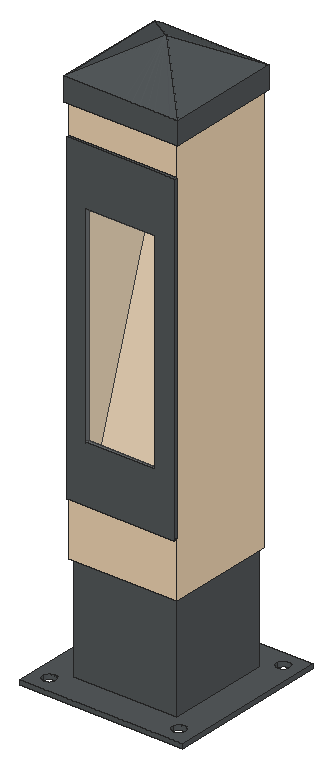
Revit family "Баум", category Осветительные приборы, Revit 2019 (continued)
Types (3, lengths in mm): name | Файл фотометрической сетки | built-in parameter 1150105 | Lumens | built-in parameter 1150106 | built-in parameter 1150142 | Wattage | h_столб низ | h_столб верх | ADSK_Фактическая мощность | ADSK_Размер_Высота | ADSK_Номинальная мощность | ADSK_Наименование | ADSK_Масса_Текст | ADSK_Масса | ADSK_Артикул
    6 224.4 195.8 164.4 137.6 115.4 98.2 73.8 41.3 8.1 1.3 0.4 0.4 0.4 0.4 0.4 0.4 0.4 0.4 0.4 0.4 0.4\r\n 0.4 0.4 0.4 0.4 0.4 0.4 0.4 0.4 0.4 0.4 0.4 0.4 0.4 0.4 0.4 0.4 0.4 0.4 0.4 0.4 0.4 0.4 0.4 0.4 0.4 0.4 0.4 0.4 0.4 0.4 0.4 0.4\r\n 0.4 0.4 0.4 0.4 0.4 0.4 0.4 0.4 0.4 0.4 0.4 0.4 0.4 0.4 0.4 0.4 0.4 0.4 0.4 0.4 0.4 0.4 0.4 0.4 0.4 0.4 0.4 0.4 0.4 0.4 0.4 0.4\r\n 0.4 0.4 0.4 0.4 0.4 0.4 0.4 0.4 0.4 0.6 0.4 0.4 0.4 0.2 0.2 0.2 0.2 0.2 0.2 0.0 0.0 0.0\r\n0.0 0.0 0.6 0.4 0.4 0.2 0.2 0.2 0.4 0.6 0.6 0.4 0.4 0.4 1.6 34.1 118.0 228.1 300.4 368.5 422.8 484.9 550.7 632.4 731.0 839.2 874.1\r\n 882.5 881.6 880.7 881.6 880.9 874.8 869.1 866.0 859.2 859.6 857.0 851.2 847.8 848.8 843.3 835.5 830.8 819.2 813.7 810.0 804.5\r\n 795.7 787.7 788.4 779.4 762.9 750.6 742.0 733.2 720.5 707.1 692.6 665.8 624.3 570.9 518.1 487.2 460.8 428.9 404.7 384.3 357.7\r\n 329.6 302.8 284.6 255.4 227.9 214.5 191.4 162.8 138.2 105.3 90.5 67.2 42.8 13.2 1.8 0.4 0.4 0.4 0.4 0.4 0.4 0.4 0.4 0.4 0.4 0.4\r\n 0.4 0.4 0.4 0.4 0.4 0.4 0.4 0.4 0.4 0.4 0.4 0.4 0.4 0.4 0.4 0.4 0.4 0.4 0.4 0.4 0.4 0.4 0.4 0.4 0.4 0.4 0.4 0.4 0.4 0.4 0.4 0.4\r\n 0.4 0.4 0.4 0.4 0.4 0.4 0.4 0.4 0.4 0.4 0.4 0.4 0.4 0.4 0.4 0.4 0.4 0.4 0.4 0.4 0.4 0.4 0.4 0.4 0.4 0.4 0.4 0.4 0.4 0.4 0.4 0.4\r\n 0.4 0.4 0.4 0.4 0.4 0.4 0.4 0.4 0.4 0.4 0.4 0.4 0.4 0.2 0.2 0.2 0.2 0.2 0.2 0.0 0.0 0.0\r\n0.0 0.0 0.6 0.4 0.4 0.2 0.2 0.2 0.4 0.6 0.6 0.4 0.4 0.4 0.6 9.9 60.8 171.2 256.9 323.4 383.9 430.2 477.3 537.5 604.5 690.6 768.0\r\n 802.2 810.8 808.4 802.0 800.9 810.0 805.6 799.0 797.4 790.2 792.8 790.4 782.2 775.4 767.3 762.7 757.2 754.6 749.7 742.9 742.9\r\n 735.9 725.1 712.6 700.5 698.3 687.5 674.1 663.6 655.7 642.3 632.0 617.2 590.4 550.9 497.3 451.5 419.9 391.1 359.1 330.0 315.3\r\n 287.4 264.6 246.3 228.1 202.8 180.6 162.8 135.3 114.3 94.0 79.1 60.6 37.4 17.3 2.4 0.4 0.4 0.4 0.4 0.4 0.4 0.4 0.4 0.4 0.4 0.4\r\n 0.4 0.4 0.4 0.4 0.4 0.4 0.4 0.4 0.4 0.4 0.4 0.4 0.4 0.4 0.4 0.4 0.4 0.4 0.4 0.4 0.4 0.4 0.4 0.4 0.4 0.4 0.4 0.4 0.4 0.4 0.4 0.4\r\n 0.4 0.4 0.4 0.4 0.4 0.4 0.4 0.4 0.4 0.4 0.4 0.4 0.4 0.4 0.4 0.4 0.4 0.4 0.4 0.4 0.4 0.4 0.4 0.4 0.4 0.4 0.4 0.4 0.4 0.4 0.4 0.4\r\n 0.4 0.4 0.4 0.4 0.4 0.4 0.4 0.4 0.4 0.4 0.4 0.4 0.4 0.2 0.2 0.2 0.2 0.2 0.2 0.0 0.0 0.0\r\n0.0 0.0 0.6 0.2 0.4 0.2 0.2 0.2 0.4 0.6 0.6 0.4 0.4 0.4 0.4 2.4 22.0 98.9 196.9 276.4 331.3 372.7 412.7 456.6 504.9 562.3 625.1\r\n 700.7 716.1 721.0 724.0 725.8 722.7 722.3 723.6 723.8 722.0 719.9 717.9 711.7 712.8 707.5 703.6 699.2 687.6 682.1 673.5 659.7\r\n 655.5 649.8 639.2 632.2 625.2 619.5 609.8 595.7 580.5 570.9 560.5 547.3 536.2 513.1 470.2 421.9 378.4 350.1 325.7 293.6 271.0\r\n 255.3 228.8 204.6 189.6 170.5 151.4 137.8 123.1 102.2 82.2 65.2 54.7 35.2 16.3 1.8 0.4 0.4 0.4 0.4 0.4 0.4 0.4 0.4 0.4 0.4 0.4\r\n 0.4 0.4 0.4 0.4 0.4 0.4 0.4 0.4 0.4 0.4 0.4 0.4 0.4 0.4 0.4 0.4 0.4 0.4 0.4 0.4 0.4 0.4 0.4 0.4 0.4 0.4 0.4 0.4 0.4 0.4 0.4 0.4\r\n 0.4 0.4 0.4 0.4 0.4 0.4 0.4 0.4 0.4 0.4 0.4 0.4 0.4 0.4 0.4 0.4 0.4 0.4 0.4 0.4 0.4 0.4 0.4 0.4 0.4 0.4 0.4 0.4 0.4 0.4 0.4 0.4\r\n 0.4 0.4 0.4 0.4 0.4 0.4 0.4 0.4 0.4 0.4 0.4 0.4 0.4 0.2 0.2 0.2 0.2 0.2 0.2 0.0 0.0 0.0\r\n0.0 0.0 0.4 0.2 0.4 0.2 0.2 0.2 0.4 0.6 0.6 0.4 0.4 0.4 0.4 0.7 5.0 40.0 113.6 218.6 276.9 320.8 365.2 401.4 443.4 497.7 546.9\r\n 600.1 633.3 655.5 662.9 660.5 654.8 659.6 662.3 659.2 654.0 654.2 646.3 647.3 645.2 636.3 633.7 629.8 626.5 616.6 608.5 606.5\r\n 599.5 593.9 586.2 576.8 569.5 559.7 551.8 541.4 534.8 525.2 517.0 509.3 496.8 483.0 463.0 423.7 373.3 327.6 298.4 276.0 249.4\r\n 230.3 213.1 190.7 170.3 158.6 138.9 121.1 110.3 92.7 76.2 58.4 46.8 31.9 13.2 0.9 0.4 0.4 0.4 0.4 0.4 0.4 0.4 0.4 0.4 0.4 0.4 0.4\r\n 0.4 0.4 0.4 0.4 0.4 0.4 0.4 0.4 0.4 0.4 0.4 0.4 0.4 0.4 0.4 0.4 0.4 0.4 0.4 0.4 0.4 0.4 0.4 0.4 0.4 0.4 0.4 0.4 0.4 0.4 0.4 0.4\r\n 0.4 0.4 0.4 0.4 0.4 0.4 0.4 0.4 0.4 0.4 0.4 0.4 0.4 0.4 0.4 0.4 0.4 0.4 0.4 0.4 0.4 0.4 0.4 0.4 0.4 0.4 0.4 0.4 0.4 0.4 0.4 0.4\r\n 0.4 0.4 0.4 0.4 0.4 0.4 0.4 0.4 0.4 0.4 0.4 0.4 0.2 0.2 0.2 0.2 0.2 0.2 0.0 0.0 0.0\r\n0.0 0.0 0.4 0.2 0.4 0.2 0.2 0.2 0.4 0.6 0.6 0.4 0.4 0.4 0.4 0.6 0.9 11.4 45.3 131.0 208.1 262.4 306.5 345.9 381.4 427.0 464.7\r\n 505.8 532.6 588.3 601.0 598.8 596.6 592.2 593.3 594.8 594.2 593.5 591.3 585.2 580.8 582.7 572.8 570.7 568.0 559.5 555.0 548.7\r\n 544.3 539.4 533.7 526.9 518.1 507.2 499.0 494.8 483.6 474.6 464.3 452.5 442.1 429.8 417.3 398.4 369.4 324.1 280.8 251.1 230.5\r\n 210.5 194.0 179.3 159.1 142.2 131.8 113.4 97.1 86.1 69.0 52.5 38.2 28.1 14.5 2.6 0.7 0.4 0.4 0.4 0.4 0.4 0.4 0.4 0.4 0.4 0.4 0.4\r\n 0.4 0.4 0.4 0.4 0.4 0.4 0.4 0.4 0.4 0.4 0.4 0.4 0.4 0.4 0.4 0.4 0.4 0.4 0.4 0.4 0.4 0.4 0.4 0.4 0.4 0.4 0.4 0.4 0.4 0.4 0.4 0.4\r\n 0.4 0.4 0.4 0.4 0.4 0.4 0.4 0.4 0.4 0.4 0.4 0.4 0.4 0.4 0.4 0.4 0.4 0.4 0.4 0.4 0.4 0.4 0.4 0.4 0.4 0.4 0.4 0.4 0.4 0.4 0.4 0.4\r\n 0.4 0.4 0.4 0.4 0.4 0.4 0.4 0.4 0.4 0.4 0.4 0.4 0.2 0.2 0.2 0.2 0.2 0.2 0.0 0.0 0.0\r\n0.0 0.0 0.4 0.2 0.4 0.2 0.2 0.2 0.4 0.6 0.6 0.4 0.4 0.4 0.4 0.4 0.4 2.4 11.4 49.4 117.8 181.3 228.7 269.4 312.7 352.4 385.2 425.2\r\n 452.2 475.9 515.9 546.2 554.4 553.3 547.4 542.3 540.7 537.3 533.8 532.2 528.0 519.9 513.1 506.7 507.8 505.4 497.9 494.8 484.7\r\n 479.5 477.0 469.6 463.6 457.7 448.9 440.8 431.3 422.8 413.8 406.1 396.4 386.1 376.6 365.2 351.1 322.4 284.1 240.6 212.7 192.0\r\n 174.2 159.3 145.5 127.9 114.5 101.5 85.9 73.8 61.5 44.8 32.5 26.6 16.1 4.2 0.6 0.4 0.4 0.4 0.4 0.4 0.4 0.4 0.4 0.4 0.4 0.4 0.4\r\n 0.4 0.4 0.4 0.4 0.4 0.4 0.4 0.4 0.4 0.4 0.4 0.4 0.4 0.4 0.4 0.4 0.4 0.4 0.4 0.4 0.4 0.4 0.4 0.4 0.4 0.4 0.4 0.4 0.4 0.4 0.4 0.4\r\n 0.4 0.4 0.4 0.4 0.4 0.4 0.4 0.4 0.4 0.4 0.4 0.4 0.4 0.4 0.4 0.4 0.4 0.4 0.4 0.4 0.4 0.4 0.4 0.4 0.4 0.4 0.4 0.4 0.4 0.4 0.4 0.4\r\n 0.4 0.4 0.4 0.4 0.4 0.4 0.4 0.4 0.4 0.4 0.4 0.2 0.2 0.2 0.2 0.2 0.2 0.0 0.0 0.0\r\n0.0 0.0 0.4 0.2 0.4 0.2 0.2 0.2 0.4 0.6 0.6 0.4 0.4 0.4 0.4 0.4 0.4 0.6 1.6 11.4 46.4 98.0 144.4 186.3 221.7 255.1 282.6 305.2\r\n 338.2 371.3 402.1 445.2 487.2 489.6 489.4 491.1 486.5 478.4 476.2 472.0 464.1 462.3 457.1 450.7 442.3 440.8 434.9 429.8 422.8\r\n 414.6 409.4 405.2 397.5 394.9 385.8 382.5 377.1 368.5 361.7 352.5 344.6 336.6 329.6 320.0 311.6 301.0 282.3 253.4 218.2 190.9\r\n 172.3 152.9 137.1 123.9 107.2 95.3 81.8 69.0 58.4 47.9 36.9 27.9 19.8 10.5 2.0 0.4 0.4 0.4 0.4 0.4 0.4 0.4 0.4 0.4 0.4 0.4 0.4\r\n 0.4 0.4 0.4 0.4 0.4 0.4 0.4 0.4 0.4 0.4 0.4 0.4 0.4 0.4 0.4 0.4 0.4 0.4 0.4 0.4 0.4 0.4 0.4 0.4 0.4 0.4 0.4 0.4 0.4 0.4 0.4 0.4\r\n 0.4 0.4 0.4 0.4 0.4 0.4 0.4 0.4 0.4 0.4 0.4 0.4 0.4 0.4 0.4 0.4 0.4 0.4 0.4 0.4 0.4 0.4 0.4 0.4 0.4 0.4 0.4 0.4 0.4 0.4 0.4 0.4\r\n 0.4 0.4 0.4 0.4 0.4 0.4 0.4 0.4 0.4 0.4 0.4 0.2 0.2 0.2 0.2 0.2 0.2 0.0 0.0 0.0\r\n0.0 0.0 0.4 0.2 0.4 0.2 0.2 0.2 0.4 0.6 0.6 0.4 0.4 0.4 0.4 0.4 0.4 0.4 0.6 1.8 10.5 28.3 61.3 102.2 139.7 167.7 185.9 201.9 226.5\r\n 245.9 269.8 306.8 335.5 385.4 411.6 422.8 425.9 422.3 416.0 409.6 408.1 404.7 401.5 395.3 389.6 383.4 376.4 368.0 364.5 360.1\r\n 351.1 345.9 340.6 332.7 328.1 318.0 309.2 304.5 298.0 289.4 284.1 279.5 270.1 262.4 254.5 244.8 234.5 219.9 197.1 172.7 152.1\r\n 138.0 121.1 109.2 98.2 84.1 76.3 63.9 55.2 45.5 35.8 25.9 18.5 10.3 2.9 0.4 0.4 0.4 0.4 0.4 0.4 0.4 0.4 0.4 0.4 0.4 0.4 0.4 0.4\r\n 0.4 0.4 0.4 0.4 0.4 0.4 0.4 0.4 0.4 0.4 0.4 0.4 0.4 0.4 0.4 0.4 0.4 0.4 0.4 0.4 0.4 0.4 0.4 0.4 0.4 0.4 0.4 0.4 0.4 0.4 0.4 0.4\r\n 0.4 0.4 0.4 0.4 0.4 0.4 0.4 0.4 0.4 0.4 0.4 0.4 0.4 0.4 0.4 0.4 0.4 0.4 0.4 0.4 0.4 0.4 0.4 0.4 0.4 0.4 0.4 0.4 0.4 0.4 0.4 0.4\r\n 0.4 0.4 0.4 0.4 0.4 0.4 0.2 0.4 0.4 0.2 0.2 0.2 0.2 0.2 0.2 0.0 0.0 0.0\r\n0.0 0.0 0.4 0.2 0.2 0.2 0.2 0.2 0.4 0.6 0.4 0.4 0.4 0.4 0.4 0.4 0.4 0.4 0.4 0.6 1.3 3.5 15.8 38.0 70.1 98.4 126.8 143.9 164.1\r\n 182.2 198.6 228.8 255.4 276.4 312.3 343.9 360.6 369.0 369.4 370.7 365.0 360.6 355.7 350.0 348.0 342.1 337.9 335.1 330.0 322.8\r\n 318.0 312.7 306.1 302.4 298.2 293.3 288.1 280.0 272.7 266.5 258.6 251.8 245.0 237.5 229.9 221.3 212.5 205.4 196.5 179.1 158.8\r\n 138.0 123.3 110.1 98.6 88.5 76.7 66.6 57.6 47.3 39.3 29.5 21.5 15.1 5.9 1.1 0.4 0.4 0.4 0.4 0.4 0.4 0.4 0.4 0.4 0.4 0.4 0.4 0.4\r\n 0.4 0.4 0.4 0.4 0.4 0.4 0.4 0.4 0.4 0.4 0.4 0.4 0.4 0.4 0.4 0.4 0.4 0.4 0.4 0.4 0.4 0.4 0.4 0.4 0.4 0.4 0.4 0.4 0.4 0.4 0.4 0.4\r\n 0.4 0.4 0.4 0.4 0.4 0.4 0.4 0.4 0.4 0.4 0.4 0.4 0.4 0.4 0.4 0.4 0.4 0.4 0.4 0.4 0.4 0.4 0.4 0.4 0.4 0.4 0.4 0.4 0.4 0.4 0.4 0.4\r\n 0.4 0.4 0.4 0.4 0.4 0.4 0.2 0.2 0.4 0.2 0.2 0.2 0.2 0.2 0.2 0.0 0.0 0.0\r\n0.0 0.0 0.4 0.2 0.2 0.2 0.2 0.2 0.4 0.6 0.4 0.4 0.4 0.4 0.4 0.4 0.4 0.4 0.4 0.4 0.4 0.6 2.4 6.6 18.4 31.4 73.4 103.5 125.9 145.0\r\n 160.6 178.8 196.9 218.2 242.4 258.9 288.5 319.0 332.5 351.8 350.3 350.0 344.6 343.9 338.8 335.6 332.0 323.9 317.9 313.6 309.8\r\n 305.4 299.1 294.0 287.4 282.1 274.9 266.3 260.0 254.4 248.1 241.3 233.1 225.7 217.1 209.6 200.9 193.6 185.9 177.1 164.3 145.0\r\n 124.6 108.1 96.7 84.8 75.1 63.1 54.9 43.5 37.8 29.0 20.4 13.9 6.4 0.9 0.4 0.4 0.4 0.4 0.4 0.4 0.4 0.4 0.4 0.4 0.4 0.4 0.4 0.4 0.4\r\n 0.4 0.4 0.4 0.4 0.4 0.4 0.4 0.4 0.4 0.4 0.4 0.4 0.4 0.4 0.4 0.4 0.4 0.4 0.4 0.4 0.4 0.4 0.4 0.4 0.4 0.4 0.4 0.4 0.4 0.4 0.4 0.4\r\n 0.4 0.4 0.4 0.4 0.4 0.4 0.4 0.4 0.4 0.4 0.4 0.4 0.4 0.4 0.4 0.4 0.4 0.4 0.4 0.4 0.4 0.4 0.4 0.4 0.4 0.4 0.4 0.4 0.4 0.4 0.4 0.4\r\n 0.4 0.4 0.4 0.4 0.2 0.2 0.4 0.2 0.2 0.2 0.2 0.2 0.2 0.0 0.0 0.0\r\n0.0 0.0 0.4 0.2 0.2 0.2 0.2 0.2 0.4 0.6 0.4 0.4 0.4 0.4 0.4 0.4 0.4 0.4 0.4 0.4 0.4 0.4 0.6 0.6 2.2 6.4 19.5 34.1 70.7 91.0 109.8\r\n 128.1 149.8 169.0 183.9 203.0 224.3 248.1 279.5 298.8 310.9 323.7 334.9 332.4 331.3 325.7 320.8 318.6 312.0 306.1 297.9 289.8\r\n 282.6 276.6 272.0 265.7 257.3 249.2 243.2 236.9 231.0 223.9 215.4 207.9 200.2 192.1 184.8 177.6 170.1 162.1 152.9 143.7 130.3\r\n 112.1 94.9 82.4 70.5 61.5 50.7 44.0 34.9 28.8 20.7 13.8 8.6 3.1 0.7 0.4 0.4 0.4 0.4 0.4 0.4 0.4 0.4 0.4 0.4 0.4 0.4 0.4 0.4 0.4\r\n 0.4 0.4 0.4 0.4 0.4 0.4 0.4 0.4 0.4 0.4 0.4 0.4 0.4 0.4 0.4 0.4 0.4 0.4 0.4 0.4 0.4 0.4 0.4 0.4 0.4 0.4 0.4 0.4 0.4 0.4 0.4 0.4\r\n 0.4 0.4 0.4 0.4 0.4 0.4 0.4 0.4 0.4 0.4 0.4 0.4 0.4 0.4 0.4 0.4 0.4 0.4 0.4 0.4 0.4 0.4 0.4 0.4 0.4 0.4 0.4 0.4 0.4 0.4 0.4 0.4\r\n 0.4 0.4 0.4 0.2 0.2 0.4 0.2 0.2 0.2 0.2 0.2 0.2 0.0 0.0 0.0\r\n0.0 0.0 0.4 0.2 0.2 0.2 0.2 0.2 0.4 0.6 0.4 0.4 0.4 0.4 0.4 0.4 0.4 0.4 0.4 0.4 0.4 0.4 0.4 0.4 0.4 1.1 2.2 4.2 11.2 38.7 58.0\r\n 74.5 100.8 121.5 140.4 151.8 165.5 182.2 198.2 209.8 214.5 232.0 237.5 234.4 229.4 226.1 219.5 214.7 211.0 208.8 203.9 202.4\r\n 204.3 204.8 202.2 198.7 195.8 193.6 189.0 183.9 178.6 172.5 167.9 162.2 156.2 150.3 144.6 138.7 131.8 125.2 118.2 110.5 103.1\r\n 92.1 78.2 62.8 50.8 42.8 36.0 28.1 22.6 16.5 12.1 7.2 4.0 1.1 0.4 0.4 0.4 0.4 0.4 0.4 0.4 0.4 0.4 0.4 0.4 0.4 0.4 0.4 0.4 0.4 0.4\r\n 0.4 0.4 0.4 0.4 0.4 0.4 0.4 0.4 0.4 0.4 0.4 0.4 0.4 0.4 0.4 0.4 0.4 0.4 0.4 0.4 0.4 0.4 0.4 0.4 0.4 0.4 0.4 0.4 0.4 0.4 0.4 0.4\r\n 0.4 0.4 0.4 0.4 0.4 0.4 0.4 0.4 0.4 0.4 0.4 0.4 0.4 0.4 0.4 0.4 0.4 0.4 0.4 0.4 0.4 0.4 0.4 0.4 0.4 0.4 0.4 0.4 0.4 0.4 0.4 0.4\r\n 0.4 0.4 0.2 0.2 0.4 0.2 0.2 0.2 0.2 0.2 0.2 0.0 0.0 0.0\r\n0.0 0.0 0.4 0.2 0.2 0.2 0.2 0.2 0.4 0.6 0.4 0.4 0.4 0.4 0.4 0.4 0.4 0.4 0.4 0.4 0.4 0.4 0.4 0.4 0.4 0.4 0.4 0.4 0.7 4.6 6.8 20.0\r\n 34.3 45.5 72.1 99.1 113.6 129.9 136.4 144.1 151.0 160.8 163.7 162.1 160.6 155.1 151.0 147.0 142.8 141.1 139.3 136.9 133.6 131.9\r\n 129.9 126.4 122.2 119.3 116.5 115.1 112.5 108.8 105.9 102.6 99.3 96.5 92.3 87.5 83.1 79.5 75.2 69.9 64.8 60.2 55.4 48.3 36.7 26.8\r\n 19.5 13.6 9.7 6.2 3.7 2.2 0.7 0.4 0.4 0.4 0.4 0.4 0.4 0.4 0.4 0.4 0.4 0.4 0.4 0.4 0.4 0.4 0.4 0.4 0.4 0.4 0.4 0.4 0.4 0.4 0.4 0.4\r\n 0.4 0.4 0.4 0.4 0.4 0.4 0.4 0.4 0.4 0.4 0.4 0.4 0.4 0.4 0.4 0.4 0.4 0.4 0.4 0.4 0.4 0.4 0.4 0.4 0.4 0.4 0.4 0.4 0.4 0.4 0.4 0.4\r\n 0.4 0.4 0.4 0.4 0.4 0.4 0.4 0.4 0.4 0.4 0.4 0.4 0.4 0.4 0.4 0.4 0.4 0.4 0.6 0.6 0.4 0.4 0.4 0.4 0.4 0.4 0.4 0.2 0.2 0.4 0.2 0.2\r\n 0.2 0.2 0.2 0.2 0.0 0.0 0.0\r\n0.0 0.0 0.4 0.2 0.2 0.2 0.2 0.2 0.4 0.6 0.4 0.4 0.4 0.4 0.4 0.4 0.4 0.4 0.4 0.4 0.4 0.4 0.4 0.4 0.4 0.4 0.4 0.4 0.4 0.4 0.4 1.8\r\n 3.1 9.9 19.8 19.3 32.1 70.3 78.0 81.1 85.0 88.5 91.4 89.6 84.2 80.9 78.4 77.6 79.7 78.9 77.1 75.6 75.2 73.4 71.8 70.5 70.5 71.8\r\n 71.8 69.6 67.3 65.9 63.5 60.9 58.2 55.4 52.7 49.0 46.1 43.5 40.9 38.4 35.8 33.6 31.6 29.2 26.2 19.3 9.7 6.2 4.2 2.2 0.9 0.6 0.4\r\n 0.4 0.4 0.4 0.4 0.4 0.4 0.4 0.4 0.4 0.4 0.4 0.4 0.4 0.4 0.4 0.4 0.4 0.4 0.4 0.4 0.4 0.4 0.4 0.4 0.4 0.4 0.4 0.4 0.4 0.4 0.4 0.4\r\n 0.4 0.4 0.4 0.4 0.4 0.4 0.4 0.4 0.4 0.4 0.4 0.4 0.4 0.4 0.4 0.4 0.4 0.4 0.4 0.4 0.4 0.4 0.4 0.4 0.4 0.4 0.4 0.4 0.4 0.4 0.4 0.4\r\n 0.4 0.4 0.4 0.4 0.4 0.4 0.4 0.4 0.4 0.4 0.4 0.6 0.6 0.4 0.4 0.4 0.4 0.4 0.4 0.4 0.2 0.2 0.4 0.2 0.2 0.2 0.2 0.2 0.2 0.0 0.0 0.0\r\n0.0 0.0 0.4 0.2 0.2 0.2 0.2 0.2 0.4 0.6 0.4 0.4 0.4 0.4 0.4 0.4 0.4 0.4 0.4 0.4 0.4 0.4 0.4 0.4 0.4 0.4 0.4 0.4 0.4 0.4 0.4 0.4\r\n 0.4 0.9 1.6 1.3 2.9 4.8 5.7 3.8 4.4 6.1 8.8 11.9 14.9 17.6 20.4 22.6 24.4 23.9 24.0 21.8 18.9 15.4 13.6 12.9 12.3 10.3 8.3 7.2\r\n 6.8 6.6 6.1 5.0 4.0 2.9 1.8 1.3 0.7 0.7 0.7 0.7 0.7 0.9 0.9 0.9 1.1 0.9 0.9 0.6 0.4 0.4 0.4 0.4 0.4 0.4 0.4 0.4 0.4 0.4 0.4 0.4\r\n 0.4 0.4 0.4 0.4 0.4 0.4 0.4 0.4 0.4 0.4 0.4 0.4 0.4 0.4 0.4 0.4 0.4 0.4 0.4 0.4 0.4 0.4 0.4 0.4 0.4 0.4 0.4 0.4 0.4 0.4 0.4 0.4\r\n 0.4 0.4 0.4 0.4 0.4 0.4 0.4 0.4 0.4 0.4 0.4 0.4 0.4 0.4 0.4 0.4 0.4 0.4 0.4 0.4 0.4 0.4 0.4 0.4 0.4 0.4 0.4 0.4 0.4 0.4 0.4 0.4\r\n 0.4 0.4 0.4 0.4 0.4 0.4 0.4 0.4 0.4 0.4 0.4 0.4 0.4 0.2 0.2 0.2 0.2 0.2 0.2 0.2 0.2 0.2 0.0 0.0 0.0\r\n0.0 0.0 0.4 0.2 0.2 0.2 0.2 0.2 0.4 0.6 0.4 0.4 0.4 0.4 0.4 0.4 0.4 0.4 0.4 0.4 0.4 0.4 0.4 0.4 0.4 0.4 0.4 0.4 0.4 0.4 0.4 0.4\r\n 0.4 0.4 0.4 0.4 0.4 0.4 0.6 0.4 0.4 0.4 0.6 0.6 0.7 0.7 0.7 0.7 0.7 0.6 0.6 0.6 0.6 0.6 0.6 0.6 0.4 0.4 0.4 0.4 0.4 0.4 0.4 0.4\r\n 0.4 0.4 0.4 0.4 0.4 0.4 0.4 0.4 0.4 0.4 0.4 0.4 0.4 0.4 0.4 0.4 0.4 0.4 0.4 0.4 0.4 0.4 0.4 0.4 0.4 0.4 0.4 0.4 0.4 0.4 0.4 0.4\r\n 0.4 0.4 0.4 0.4 0.4 0.4 0.4 0.4 0.4 0.4 0.4 0.4 0.4 0.4 0.4 0.4 0.4 0.4 0.4 0.4 0.4 0.4 0.4 0.4 0.4 0.4 0.4 0.4 0.4 0.4 0.4 0.4\r\n 0.4 0.4 0.4 0.4 0.4 0.4 0.4 0.4 0.4 0.4 0.4 0.4 0.4 0.4 0.4 0.4 0.4 0.4 0.4 0.4 0.4 0.4 0.4 0.4 0.4 0.4 0.4 0.4 0.4 0.4 0.4 0.4\r\n 0.4 0.4 0.4 0.4 0.4 0.4 0.4 0.4 0.4 0.2 0.2 0.2 0.2 0.2 0.2 0.2 0.2 0.2 0.0 0.0 0.0\r\n0.0 0.0 0.2 0.2 0.2 0.2 0.2 0.2 0.4 0.6 0.4 0.4 0.4 0.4 0.4 0.4 0.4 0.4 0.4 0.4 0.4 0.4 0.4 0.4 0.4 0.4 0.4 0.4 0.4 0.4 0.4 0.4\r\n 0.4 0.4 0.4 0.4 0.4 0.4 0.4 0.4 0.4 0.4 0.4 0.4 0.4 0.4 0.4 0.4 0.4 0.4 0.4 0.4 0.4 0.4 0.4 0.4 0.4 0.4 0.4 0.4 0.4 0.4 0.4 0.4\r\n 0.4 0.4 0.4 0.4 0.4 0.4 0.4 0.4 0.4 0.4 0.4 0.4 0.4 0.4 0.4 0.4 0.4 0.4 0.4 0.4 0.4 0.4 0.4 0.4 0.4 0.4 0.4 0.4 0.4 0.4 0.4 0.4\r\n 0.4 0.4 0.4 0.4 0.4 0.4 0.4 0.4 0.4 0.4 0.4 0.4 0.4 0.4 0.4 0.4 0.4 0.4 0.4 0.4 0.4 0.4 0.4 0.4 0.4 0.4 0.4 0.4 0.4 0.4 0.4 0.4\r\n 0.4 0.4 0.4 0.4 0.4 0.4 0.4 0.4 0.4 0.4 0.4 0.4 0.4 0.4 0.4 0.4 0.4 0.4 0.4 0.4 0.4 0.4 0.4 0.4 0.4 0.4 0.4 0.4 0.4 0.4 0.4 0.4\r\n 0.4 0.4 0.4 0.4 0.4 0.4 0.4 0.4 0.4 0.2 0.2 0.2 0.2 0.2 0.2 0.2 0.2 0.2 0.0 0.0 0.0\r\n0.0 0.0 0.2 0.2 0.2 0.2 0.2 0.2 0.4 0.6 0.4 0.4 0.4 0.4 0.4 0.4 0.4 0.4 0.4 0.4 0.4 0.4 0.4 0.4 0.4 0.4 0.4 0.4 0.4 0.4 0.4 0.4\r\n 0.4 0.4 0.4 0.4 0.4 0.4 0.4 0.4 0.4 0.4 0.4 0.4 0.4 0.4 0.4 0.4 0.4 0.4 0.4 0.4 0.4 0.4 0.4 0.4 0.4 0.4 0.4 0.4 0.4 0.4 0.4 0.4\r\n 0.4 0.4 0.4 0.4 0.4 0.4 0.4 0.4 0.4 0.4 0.4 0.4 0.4 0.4 0.4 0.4 0.4 0.4 0.4 0.4 0.4 0.4 0.4 0.4 0.4 0.4 0.4 0.4 0.4 0.4 0.4 0.4\r\n 0.4 0.4 0.4 0.4 0.4 0.4 0.4 0.4 0.4 0.4 0.4 0.4 0.4 0.4 0.4 0.4 0.4 0.4 0.4 0.4 0.4 0.4 0.4 0.4 0.4 0.4 0.4 0.4 0.4 0.4 0.4 0.4\r\n 0.4 0.4 0.4 0.4 0.4 0.4 0.4 0.4 0.4 0.4 0.4 0.4 0.4 0.4 0.4 0.4 0.4 0.4 0.4 0.4 0.4 0.4 0.4 0.4 0.4 0.4 0.4 0.4 0.4 0.4 0.4 0.4\r\n 0.4 0.4 0.4 0.4 0.4 0.4 0.4 0.4 0.4 0.2 0.2 0.2 0.2 0.2 0.2 0.2 0.2 0.2 0.0 0.0 0.0\r\n0.0 0.0 0.2 0.2 0.2 0.2 0.2 0.2 0.4 0.6 0.4 0.4 0.4 0.4 0.4 0.4 0.4 0.4 0.4 0.4 0.4 0.4 0.4 0.4 0.4 0.4 0.4 0.4 0.4 0.4 0.4 0.4\r\n 0.4 0.4 0.4 0.4 0.4 0.4 0.4 0.4 0.4 0.4 0.4 0.4 0.4 0.4 0.4 0.4 0.4 0.4 0.4 0.4 0.4 0.4 0.4 0.4 0.4 0.4 0.4 0.4 0.4 0.4 0.4 0.4\r\n 0.4 0.4 0.4 0.4 0.4 0.4 0.4 0.4 0.4 0.4 0.4 0.4 0.4 0.4 0.4 0.4 0.4 0.4 0.4 0.4 0.4 0.4 0.4 0.4 0.4 0.4 0.4 0.4 0.4 0.4 0.4 0.4\r\n 0.4 0.4 0.4 0.4 0.4 0.4 0.4 0.4 0.4 0.4 0.4 0.4 0.4 0.4 0.4 0.4 0.4 0.4 0.4 0.4 0.4 0.4 0.4 0.4 0.4 0.4 0.4 0.4 0.4 0.4 0.4 0.4\r\n 0.4 0.4 0.4 0.4 0.4 0.4 0.4 0.4 0.4 0.4 0.4 0.4 0.4 0.4 0.4 0.4 0.4 0.4 0.4 0.4 0.4 0.4 0.4 0.4 0.4 0.4 0.4 0.4 0.4 0.4 0.4 0.4\r\n 0.4 0.4 0.4 0.4 0.4 0.4 0.4 0.4 0.4 0.2 0.2 0.2 0.2 0.2 0.2 0.2 0.2 0.2 0.0 0.0 0.0\r\n0.0 0.0 0.2 0.2 0.2 
